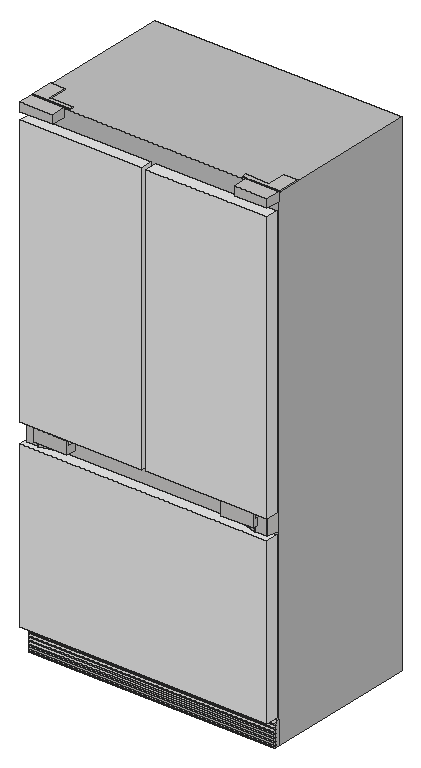
Revit family "FP-Revit20-RS36A72J1-FrenchDoorFridgeFreezer-0-90005086A-US-CA", category Specialty Equipment, Revit 2020 (continued)
Definition of nested family "F&P Handle Kit - Contemporary Round - Vertical"
  Forms (mm)
    Extrusion 2, solid, material <- "Material - Handle", detail levels fine
      sketch origin (0, 0, 0) x (1, 0, 0) y (0, 1, 0)
        loop
          line (-8.7, 0) -> (-8.7, -32.3)
          arc (-8.7, -32.3) -> (0, -41) -> (8.7, -32.3) r 8.7
          line (8.7, -32.3) -> (8.7, 0) -> (-8.7, 0)
      from 243.5 to 363.5
    Extrusion 3, solid, material <- "Material - Handle", detail levels fine
      sketch origin (0, 0, 0) x (1, 0, 0) y (0, 1, 0)
        loop
          line (-8.7, 0) -> (-8.7, -32.3)
          arc (-8.7, -32.3) -> (0, -41) -> (8.7, -32.3) r 8.7
          line (8.7, -32.3) -> (8.7, 0) -> (-8.7, 0)
      from -363.5 to -243.5
    Sweep 4, void
      path in 3D
        loop
          line (8.7, 0, -363.5) -> (8.7, -32.3, -363.5)
          arc (8.7, -32.3, -363.5) -> (0, -41, -363.5) -> (-8.7, -32.3, -363.5) r 8.7
          line (-8.7, -32.3, -363.5) -> (-8.7, 0, -363.5)
      profile origin (8.7, -16.15, -363.5) x (-1, 0, 0) y (0, 0, -1)
        loop
          line (0, 0) -> (0, -1) -> (1, 0) -> (0, 0)
    Sweep 5, void
      path in 3D
        loop
          line (-8.7, 0, 363.5) -> (-8.7, -32.3, 363.5)
          arc (-8.7, -32.3, 363.5) -> (0, -41, 363.5) -> (8.7, -32.3, 363.5) r 8.7
          line (8.7, -32.3, 363.5) -> (8.7, 0, 363.5)
      profile origin (8.7, -16.15, 363.5) x (-1, 0, 0) y (0, 0, 1)
        loop
          line (0, 0) -> (0, -1) -> (1, 0) -> (0, 0)
    Extrusion 6, solid, material <- "Material - Handle", detail levels coarse+medium
      sketch origin (0, 0, 0) x (1, 0, 0) y (0, 1, 0)
        loop
          line (-8.7, 0) -> (-8.7, -32.3)
          arc (-8.7, -32.3) -> (0, -41) -> (8.7, -32.3) r 8.7
          line (8.7, -32.3) -> (8.7, 0) -> (-8.7, 0)
      from 243.5 to 363.5
    Extrusion 7, solid, material <- "Material - Handle", detail levels coarse+medium
      sketch origin (0, 0, 0) x (1, 0, 0) y (0, 1, 0)
        loop
          line (-8.7, 0) -> (-8.7, -32.3)
          arc (-8.7, -32.3) -> (0, -41) -> (8.7, -32.3) r 8.7
          line (8.7, -32.3) -> (8.7, 0) -> (-8.7, 0)
      from -363.5 to -243.5
  Cuts and joins
    Sweep 4 cuts Extrusion 3
    Sweep 5 cuts Extrusion 2
  Lines and regions (mm)
    sketch lines
      curve 1: line (8.7, 0, -363.5) -> (8.7, -32.3, -363.5)
      curve 2: arc (-8.7, -32.3, -363.5) -> (0, -41, -363.5) -> (8.7, -32.3, -363.5) r 8.7
      curve 3: line (-8.7, -32.3, -363.5) -> (-8.7, 0, -363.5)
      curve 4: line (8.7, -32.3, 363.5) -> (8.7, 0, 363.5)
      curve 5: arc (8.7, -32.3, 363.5) -> (0, -41, 363.5) -> (-8.7, -32.3, 363.5) r 8.7
      curve 6: line (-8.7, 0, 363.5) -> (-8.7, -32.3, 363.5)
  Dimensions and locks
    equal spacing: plane 4 "Top", level, plane 5 "Bottom"
    "Handle - Length": plane 4 "Top" to plane 5 "Bottom"
    locked: plane 4 "Top" to plane 6 "Top Standoff" at 120
    locked: plane 7 "Bottom Standoff" to plane 5 "Bottom" at 120
    Extrusion 2 sketch curve to Extrusion 2 sketch curve = 17.4 mm
    Extrusion 3 sketch curve to Extrusion 3 sketch curve = 17.4 mm
    Extrusion 6 sketch curve to Extrusion 6 sketch curve = 17.4 mm
    Extrusion 7 sketch curve to Extrusion 7 sketch curve = 17.4 mm
    aligned and locked: level to plane 2
    aligned and locked: plane 4 "Top" to Extrusion 2
    aligned and locked: Extrusion 3 to plane 5 "Bottom"
    aligned and locked: plane 7 "Bottom Standoff" to Extrusion 3
    aligned and locked: Extrusion 1 to plane 7 "Bottom Standoff"
    aligned and locked: plane 6 "Top Standoff" to Extrusion 1
    aligned and locked: Extrusion 2 to Extrusion 1
    aligned and locked: Extrusion 6 to Extrusion 1
    aligned and locked: plane 4 "Top" to Extrusion 6
    aligned and locked: Extrusion 7 to Extrusion 1
    aligned and locked: Extrusion 7 to plane 5 "Bottom"
  Automatic sketch dimensions
    Extrusion 1 sketch curve to plane 3 "Center (Left/Right)" = 0 mm
    plane 1 "Center (Front/Back)" to Extrusion 1 sketch curve = 32.3 mm
    plane 1 "Center (Front/Back)" to Extrusion 2 sketch curve = 0 mm
    Extrusion 2 sketch curve to plane 3 "Center (Left/Right)" = 0 mm
    Extrusion 2 sketch curve to plane 3 "Center (Left/Right)" = 8.7 mm
    plane 1 "Center (Front/Back)" to Extrusion 2 sketch curve = 32.3 mm
    plane 1 "Center (Front/Back)" to Extrusion 3 sketch curve = 0 mm
    Extrusion 3 sketch curve to plane 3 "Center (Left/Right)" = 0 mm
    Extrusion 3 sketch curve to plane 3 "Center (Left/Right)" = 8.7 mm
    plane 1 "Center (Front/Back)" to Extrusion 3 sketch curve = 32.3 mm
    Sweep 4 sketch curve to profile plane = 0 mm  (x2)
    Sweep 4 sketch curve to profile plane = 1 mm  (x2)
    Sweep 5 sketch curve to profile plane = 0 mm  (x2)
    Sweep 5 sketch curve to profile plane = 1 mm  (x2)
    Extrusion 6 sketch curve to plane 3 "Center (Left/Right)" = 0 mm
    Extrusion 6 sketch curve to plane 3 "Center (Left/Right)" = 8.7 mm
    plane 1 "Center (Front/Back)" to Extrusion 6 sketch curve = 32.3 mm
    Extrusion 6 sketch curve to Extrusion 6 sketch curve = 32.3 mm
    Extrusion 7 sketch curve to plane 3 "Center (Left/Right)" = 0 mm
    Extrusion 7 sketch curve to plane 3 "Center (Left/Right)" = 8.7 mm
    plane 1 "Center (Front/Back)" to Extrusion 7 sketch curve = 32.3 mm
    Extrusion 7 sketch curve to Extrusion 7 sketch curve = 32.3 mm
    radius of Extrusion 1 sketch curve = 8.7 mm
Definition of nested family "F&P Handle Kit - Contemporary Square Fine - Horizontal"
  Parameters (values of type "AHD5RD80AB - Contemporary square fine black handle (2 of 2) (Horizontal) 646mm")
    URL = "www.fisherpaykel.com"
    Material - Handle = none
    Manufacturer = "Fisher & Paykel Appliances"
    Handle - Length = 646 mm
    Default Elevation = 0 mm
  Types (14, lengths in mm): name | Handle - Length
    AHD5RD2484W - Contemporary square fine handle (2 of 2) (Horizontal) 494mm | 494
    AHD5RD2484WB - Contemporary square fine black handle (2 of 2) (Horizontal) 494mm | 494
    AHD5RD3084W - Contemporary square fine handle (2 of 2) (Horizontal) 646mm | 646
    AHD5RD3084WB - Contemporary square fine black handle (2 of 2) (Horizontal) 646mm | 646
    AHD5RD7621W - Contemporary square fine handle (2 of 2) (Horizontal) 646mm | 646
    AHD5RD7621WB - Contemporary square fine handle black (2 of 2) (Horizontal) 646mm | 646
    AHD5RD6121W - Contemporary square fine handle (2 of 2) (Horizontal) 494mm | 494
    AHD5RD6121WB - Contemporary square fine handle black (2 of 2) (Horizontal) 494mm | 494
    AHD5RD36A - Contemporary square fine handle (2 of 2) (Horizontal) 746mm | 746
    AHD5RD36AB - Contemporary square fine black handle (2 of 2) (Horizontal) 746mm | 746
    AHD5RD90A - Contemporary square fine handle (2 of 2) (Horizontal) 746mm | 746
    AHD5RD80A - Contemporary square fine handle (2 of 2) (Horizontal) 646mm | 646
    AHD5RD80AB - Contemporary square fine black handle (2 of 2) (Horizontal) 646mm | 646
    AHD5RD90AB - Contemporary square fine black handle (2 of 2) (Horizontal) 746mm | 746
  Reference planes
    plane 1 "Center (Front/Back)": y = 0
    plane 2: z = 0
    plane 3 "Center (Left/Right)": x = 0
    plane 4 "Product LHS": x = -323
    plane 5 "Product RHS": x = 323
    plane 6 "LHS Standoff": x = -202.995
    plane 7 "RHS Standoff": x = 203.005
  Forms (mm)
    Extrusion 1, solid, material <- "Material - Handle", detail levels fine
      sketch origin (0, 0, 0) x (0, 1, 0) y (0, 0, 1)
        loop
          arc (-26.813, 6.16) -> (-27.196, 6.554) -> (-27.728, 6.686) r 1
          line (-27.728, 6.686) -> (-40.035, 6.256)
          arc (-40.035, 6.256) -> (-40.719, 5.951) -> (-41, 5.257) r 1
          line (-41, 5.257) -> (-41, -5.257)
          arc (-41, -5.257) -> (-40.719, -5.951) -> (-40.035, -6.256) r 1
          line (-40.035, -6.256) -> (-27.709, -6.686)
          arc (-27.709, -6.686) -> (-27.175, -6.554) -> (-26.792, -6.158) r 1
          arc (-26.792, -6.158) -> (-25.256, 0.004) -> (-26.813, 6.16) r 13.038
      from -323 to 323
    Extrusion 2, solid, material <- "Material - Handle", detail levels fine
      sketch origin (0, 0, 0) x (0, 1, 0) y (0, 0, 1)
        loop
          arc (-26.626, -6.008) -> (-26.614, -6.49) -> (-26.2, -6.737) r 0.5
          line (-26.2, -6.737) -> (0, -7.696) -> (0, 7.704) -> (-26.174, 6.747)
          arc (-26.174, 6.747) -> (-26.587, 6.5) -> (-26.6, 6.019) r 0.5
          arc (-26.6, 6.019) -> (-25.156, 0.002) -> (-26.626, -6.008) r 13.136
      from 203.005 to 323
    Extrusion 3, solid, material <- "Material - Handle", detail levels coarse+medium
      sketch origin (0, 0, 0) x (1, 0, 0) y (0, 1, 0)
        loop
          line (-323, -42) -> (323, -42) -> (323, 0) -> (203.005, 0) -> (203.005, -26.156) -> (-202.995, -26.156) -> (-202.995, 0) -> (-323, 0) -> (-323, -42)
      from -8.022 to 7.978
    Extrusion 4, solid, material <- "Material - Handle", detail levels fine
      sketch origin (0, 0, 0) x (0, 1, 0) y (0, 0, 1)
        loop
          arc (-26.626, -6.008) -> (-26.614, -6.49) -> (-26.2, -6.737) r 0.5
          line (-26.2, -6.737) -> (0, -7.696) -> (0, 7.704) -> (-26.174, 6.747)
          arc (-26.174, 6.747) -> (-26.587, 6.5) -> (-26.6, 6.019) r 0.5
          arc (-26.6, 6.019) -> (-25.156, 0.002) -> (-26.626, -6.008) r 13.136
      from -323 to -202.995
  Dimensions and locks
    equal spacing: plane 4 "Product LHS", plane 3 "Center (Left/Right)", plane 5 "Product RHS"
    "Handle - Length": plane 4 "Product LHS" to plane 5 "Product RHS"
    locked: plane 4 "Product LHS" to plane 6 "LHS Standoff" at 120.005
    locked: plane 7 "RHS Standoff" to plane 5 "Product RHS" at 119.995
    aligned and locked: level to plane 2
    aligned and locked: Extrusion 1 to plane 5 "Product RHS"
    aligned and locked: plane 4 "Product LHS" to Extrusion 1
    aligned and locked: Extrusion 2 to plane 5 "Product RHS"
    aligned and locked: plane 4 "Product LHS" to Extrusion 3 sketch curve
    aligned and locked: Extrusion 3 sketch curve to plane 5 "Product RHS"
    aligned and locked: Extrusion 3 sketch curve to plane 7 "RHS Standoff"
    aligned and locked: plane 6 "LHS Standoff" to Extrusion 3 sketch curve
    aligned and locked: plane 4 "Product LHS" to Extrusion 4
    aligned and locked: plane 6 "LHS Standoff" to Extrusion 4
    aligned and locked: Extrusion 2 to plane 7 "RHS Standoff"
  Automatic sketch dimensions
    Extrusion 1 sketch curve to level = 5.257 mm
    plane 1 "Center (Front/Back)" to Extrusion 1 sketch curve = 41 mm
    level to Extrusion 1 sketch curve = 6.256 mm
    Extrusion 1 sketch curve to Extrusion 1 sketch curve = 0.965 mm  (x2)
    Extrusion 1 sketch curve to level = 6.256 mm
    Extrusion 1 sketch curve to Extrusion 1 sketch curve = 0.035 mm  (x3)
    Extrusion 1 sketch curve to level = 0.018 mm
    Extrusion 1 sketch curve to Extrusion 1 sketch curve = 1.706 mm
    level to Extrusion 1 sketch curve = 6.686 mm
    Extrusion 1 sketch curve to Extrusion 1 sketch curve = 12.307 mm
    Extrusion 1 sketch curve to level = 6.686 mm
    Extrusion 1 sketch curve to Extrusion 1 sketch curve = 12.326 mm
    Extrusion 1 sketch curve to Extrusion 1 sketch curve = 0.999 mm  (x2)
    Extrusion 1 sketch curve to Extrusion 1 sketch curve = 0 mm
    Extrusion 2 sketch curve to plane 1 "Center (Front/Back)" = 0 mm
    level to Extrusion 2 sketch curve = 6.247 mm
    plane 1 "Center (Front/Back)" to Extrusion 2 sketch curve = 26.155 mm
    level to Extrusion 2 sketch curve = 6.747 mm
    Extrusion 2 sketch curve to Extrusion 2 sketch curve = 0.018 mm  (x2)
    Extrusion 2 sketch curve to level = 6.238 mm
    Extrusion 2 sketch curve to Extrusion 2 sketch curve = 0.026 mm
    Extrusion 2 sketch curve to level = 6.737 mm
    level to Extrusion 2 sketch curve = 0.03 mm
    Extrusion 2 sketch curve to Extrusion 2 sketch curve = 12.11 mm
    Extrusion 2 sketch curve to level = 7.696 mm
    level to Extrusion 2 sketch curve = 7.704 mm
    Extrusion 2 sketch curve to Extrusion 2 sketch curve = 0 mm
    plane 1 "Center (Front/Back)" to Extrusion 3 sketch curve = 42 mm
    Extrusion 3 sketch curve to Extrusion 3 sketch curve = 15.844 mm
    Extrusion 3 sketch curve to Extrusion 3 sketch curve = 26.156 mm  (x2)
    level to Extrusion 4 sketch curve = 0.03 mm
    plane 1 "Center (Front/Back)" to Extrusion 4 sketch curve = 38.291 mm
    Extrusion 4 sketch curve to level = 6.737 mm
    Extrusion 4 sketch curve to Extrusion 4 sketch curve = 12.091 mm
    Extrusion 4 sketch curve to Extrusion 4 sketch curve = 0.018 mm  (x2)
    level to Extrusion 4 sketch curve = 6.747 mm
    Extrusion 4 sketch curve to Extrusion 4 sketch curve = 0.008 mm
    level to Extrusion 4 sketch curve = 7.704 mm
    Extrusion 4 sketch curve to Extrusion 4 sketch curve = 26.174 mm
    Extrusion 4 sketch curve to level = 7.696 mm
    Extrusion 4 sketch curve to Extrusion 4 sketch curve = 0.5 mm  (x2)
    Extrusion 4 sketch curve to Extrusion 4 sketch curve = 0 mm
Definition of nested family "F&P Handle Kit - Contemporary Square Fine - Vertical"
  Parameters (values of type "AHD5RD90AB - Contemporary square fine black handle (1 of 2) (Vertical) 727mm")
    URL = "www.fisherpaykel.com"
    Material - Handle = none
    Manufacturer = "Fisher & Paykel Appliances"
    Handle - Length = 727 mm
    Default Elevation = 0 mm
  Types (14): name
    AHD5RD2484W - Contemporary square fine handle (1 of 2) (Vertical) 727mm
    AHD5RD2484WB - Contemporary square fine black handle (1 of 2) (Vertical) 727mm
    AHD5RD3084W - Contemporary square fine handle (1 of 2) (Vertical) 727mm
    AHD5RD3084WB - Contemporary square fine black handle (1 of 2) (Vertical) 727mm
    AHD5RD6121W - Contemporary square fine handle (1 of 2) (Vertical) 727mm
    AHD5RD6121WB - Contemporary square fine black handle (1 of 2) (Vertical) 727mm
    AHD5RD7621W - Contemporary square fine handle (1 of 2) (Vertical) 727mm
    AHD5RD7621WB - Contemporary square fine black handle (1 of 2) (Vertical) 727mm
    AHD5RD36A - Contemporary square fine handle (1 of 2) (Vertical) 727mm
    AHD5RD36AB - Contemporary square fine black handle (1 of 2) (Vertical) 727mm
    AHD5RD80A - Contemporary square fine handle (1 of 2) (Vertical) 727mm
    AHD5RD90A - Contemporary square fine handle (1 of 2) (Vertical) 727mm
    AHD5RD80AB - Contemporary square fine black handle (1 of 2) (Vertical) 727mm
    AHD5RD90AB - Contemporary square fine black handle (1 of 2) (Vertical) 727mm
  Reference planes
    plane 1 "Center (Front/Back)": y = 0
    plane 2: z = 0
    plane 3 "Center (Left/Right)": x = 0
    plane 4 "Top": z = 363.5
    plane 5 "Bottom": z = -363.5
    plane 6 "Top Standoff": z = 243.5
    plane 7 "Bottom Standoff": z = -243.5
  Forms (mm)
    Extrusion 1, solid, material <- "Material - Handle", detail levels fine
      sketch origin (0, 0, 0) x (1, 0, 0) y (0, 1, 0)
        loop
          arc (-6.16, -26.813) -> (-6.554, -27.196) -> (-6.686, -27.728) r 1
          line (-6.686, -27.728) -> (-6.256, -40.035)
          arc (-6.256, -40.035) -> (-5.951, -40.719) -> (-5.257, -41) r 1
          line (-5.257, -41) -> (5.257, -41)
          arc (5.257, -41) -> (5.951, -40.719) -> (6.256, -40.035) r 1
          line (6.256, -40.035) -> (6.686, -27.709)
          arc (6.686, -27.709) -> (6.554, -27.175) -> (6.158, -26.792) r 1
          arc (6.158, -26.792) -> (-0.004, -25.256) -> (-6.16, -26.813) r 13.038
      from -363.5 to 363.5
    Extrusion 2, solid, material <- "Material - Handle", detail levels fine
      sketch origin (0, 0, 0) x (1, 0, 0) y (0, 1, 0)
        loop
          arc (6.012, -26.626) -> (6.494, -26.614) -> (6.741, -26.2) r 0.5
          line (6.741, -26.2) -> (7.7, 0) -> (-7.7, 0) -> (-6.742, -26.174)
          arc (-6.742, -26.174) -> (-6.496, -26.587) -> (-6.015, -26.6) r 0.5
          arc (-6.015, -26.6) -> (0.002, -25.156) -> (6.012, -26.626) r 13.136
      from 243.5 to 363.5
    Extrusion 3, solid, material <- "Material - Handle", detail levels coarse+medium
      sketch origin (0, 0, 0) x (0, 1, 0) y (0, 0, 1)
        loop
          line (0, 363.5) -> (-42, 363.5) -> (-42, -363.5) -> (0, -363.5) -> (0, -243.5) -> (-26.245, -243.5) -> (-26.245, 243.5) -> (0, 243.5) -> (0, 363.5)
      from -8 to 8
    Extrusion 4, solid, material <- "Material - Handle", detail levels fine
      sketch origin (0, 0, 0) x (1, 0, 0) y (0, 1, 0)
        loop
          arc (6.012, -26.626) -> (6.494, -26.614) -> (6.741, -26.2) r 0.5
          line (6.741, -26.2) -> (7.7, 0) -> (-7.7, 0) -> (-6.742, -26.174)
          arc (-6.742, -26.174) -> (-6.496, -26.587) -> (-6.015, -26.6) r 0.5
          arc (-6.015, -26.6) -> (0.002, -25.156) -> (6.012, -26.626) r 13.136
      from -363.5 to -243.5
  Dimensions and locks
    equal spacing: plane 4 "Top", level, plane 5 "Bottom"
    "Handle - Length": plane 4 "Top" to plane 5 "Bottom"
    locked: plane 4 "Top" to plane 6 "Top Standoff" at 120
    locked: plane 7 "Bottom Standoff" to plane 5 "Bottom" at 120
    aligned and locked: level to plane 2
    aligned and locked: plane 4 "Top" to Extrusion 2
    aligned and locked: Extrusion 2 to plane 6 "Top Standoff"
    aligned and locked: plane 4 "Top" to Extrusion 1
    aligned and locked: Extrusion 1 to plane 5 "Bottom"
    aligned and locked: plane 4 "Top" to Extrusion 3 sketch curve
    aligned and locked: plane 6 "Top Standoff" to Extrusion 3 sketch curve
    aligned and locked: plane 7 "Bottom Standoff" to Extrusion 3 sketch curve
    aligned and locked: plane 5 "Bottom" to Extrusion 3 sketch curve
    aligned and locked: Extrusion 4 to plane 5 "Bottom"
    aligned and locked: plane 7 "Bottom Standoff" to Extrusion 4
  Automatic sketch dimensions
    Extrusion 1 sketch curve to plane 3 "Center (Left/Right)" = 6.686 mm
    Extrusion 1 sketch curve to plane 3 "Center (Left/Right)" = 6.256 mm
    Extrusion 1 sketch curve to Extrusion 1 sketch curve = 0.999 mm  (x4)
    plane 3 "Center (Left/Right)" to Extrusion 1 sketch curve = 0.018 mm
    plane 3 "Center (Left/Right)" to Extrusion 1 sketch curve = 5.257 mm
    plane 3 "Center (Left/Right)" to Extrusion 1 sketch curve = 5.687 mm
    plane 1 "Center (Front/Back)" to Extrusion 1 sketch curve = 41 mm
    Extrusion 1 sketch curve to Extrusion 1 sketch curve = 0.965 mm  (x2)
    Extrusion 1 sketch curve to Extrusion 1 sketch curve = 1.706 mm
    Extrusion 1 sketch curve to Extrusion 1 sketch curve = 12.307 mm
    Extrusion 1 sketch curve to Extrusion 1 sketch curve = 12.326 mm
    Extrusion 1 sketch curve to Extrusion 1 sketch curve = 0.035 mm  (x2)
    Extrusion 1 sketch curve to Extrusion 1 sketch curve = 0 mm
    plane 1 "Center (Front/Back)" to Extrusion 2 sketch curve = 0 mm
    Extrusion 2 sketch curve to plane 3 "Center (Left/Right)" = 7.7 mm
    Extrusion 2 sketch curve to plane 3 "Center (Left/Right)" = 6.742 mm
    Extrusion 2 sketch curve to Extrusion 2 sketch curve = 0.5 mm  (x2)
    Extrusion 2 sketch curve to plane 3 "Center (Left/Right)" = 0.026 mm
    plane 3 "Center (Left/Right)" to Extrusion 2 sketch curve = 6.242 mm
    plane 3 "Center (Left/Right)" to Extrusion 2 sketch curve = 7.7 mm
    plane 1 "Center (Front/Back)" to Extrusion 2 sketch curve = 26.155 mm
    Extrusion 2 sketch curve to Extrusion 2 sketch curve = 0.018 mm  (x2)
    Extrusion 2 sketch curve to Extrusion 2 sketch curve = 0.026 mm
    Extrusion 2 sketch curve to Extrusion 2 sketch curve = 12.11 mm
    Extrusion 2 sketch curve to Extrusion 2 sketch curve = 0 mm
    plane 1 "Center (Front/Back)" to Extrusion 3 sketch curve = 42 mm
    Extrusion 3 sketch curve to Extrusion 3 sketch curve = 15.755 mm
    Extrusion 3 sketch curve to Extrusion 3 sketch curve = 42 mm  (x2)
    Extrusion 4 sketch curve to plane 3 "Center (Left/Right)" = 7.7 mm
    Extrusion 4 sketch curve to plane 3 "Center (Left/Right)" = 6.742 mm
    Extrusion 4 sketch curve to Extrusion 4 sketch curve = 0.5 mm  (x2)
    Extrusion 4 sketch curve to plane 3 "Center (Left/Right)" = 0.026 mm
    plane 3 "Center (Left/Right)" to Extrusion 4 sketch curve = 6.242 mm
    plane 3 "Center (Left/Right)" to Extrusion 4 sketch curve = 7.7 mm
    plane 1 "Center (Front/Back)" to Extrusion 4 sketch curve = 38.291 mm
    Extrusion 4 sketch curve to Extrusion 4 sketch curve = 12.091 mm
    Extrusion 4 sketch curve to Extrusion 4 sketch curve = 0.018 mm  (x2)
    Extrusion 4 sketch curve to Extrusion 4 sketch curve = 0.452 mm
    Extrusion 4 sketch curve to Extrusion 4 sketch curve = 26.174 mm
    Extrusion 4 sketch curve to Extrusion 4 sketch curve = 0 mm
Definition of nested family "Comment Marker 2D"
  Types (3): name
    New
    Resolved
    Active
  Reference planes
    plane 1: y = 0
    plane 2: x = 0
  Text (mm)
    text "Edit Type: \nTo control handle kit \nand door panel visibility\n options\n\nDelete unwanted kits \nto reduce file size" at (-0.165, 35.556, 0)
